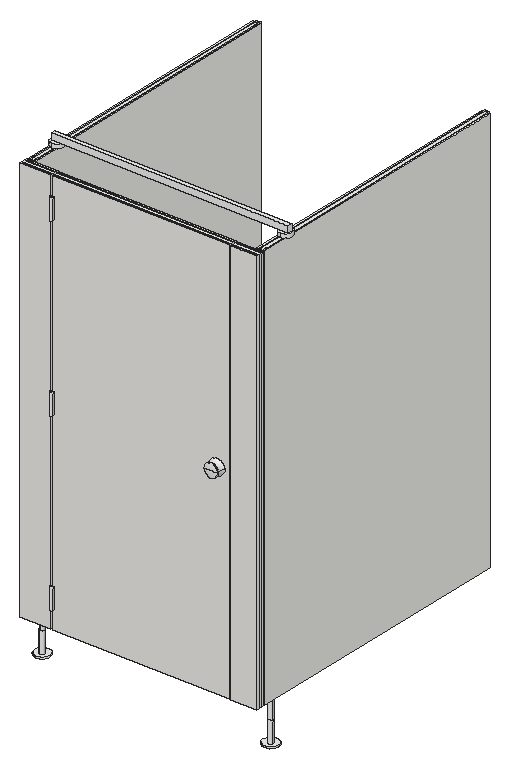
Revit family "Alsanit - Kabiny sanitarne LIFT - Sandwich", category Doors, Revit 2020 (continued)
Definition of nested family "front"
  Forms (mm)
    Sweep 13, solid, material <- "Materiał okuć"
      profile origin (0, 0, 1094) x (-1, 0, 0) y (0, -1, 0)
        loop
          line (450, 7.5) -> (-450, 7.5) -> (-450, 2.5) -> (450, 2.5) -> (450, 7.5)
    Sweep 14, solid, material <- "Materiał płyt"
      path origin (0, 0, 0) x (1, 0, 0) y (0, 0, 1)
        loop
          line (0, 188) -> (0, 2000)
      profile origin (0, 0, 1094) x (-1, 0, 0) y (0, -1, 0)
        loop
          line (450, 2.5) -> (-450, 2.5) -> (-450, 0) -> (450, 0) -> (450, 2.5)
  Cuts and joins
    joined: Revolve 4, Sweep 5, Sweep 11, SweptBlend 12
    joined: Extrusion 6, Extrusion 7, Extrusion 8
  Lines and regions (mm)
    symbolic lines, visible <- "Drzwi zewnętrzne"
      curve 1: line (-450, -10, 0) -> (-450, -910, 0)
      curve 2: line (-450, -10, 0) -> (450, -10, 0)
      curve 3: arc (-450, -910, 0) -> (186.396, -646.396, 0) -> (450, -10, 0) r 900
    symbolic lines, visible <- "Drzwi wewnętrzne"
      curve 4: line (-450, 0, 0) -> (-450, 900, 0)
      curve 5: line (-450, 0, 0) -> (450, 0, 0)
      curve 6: arc (450, 0, 0) -> (186.396, 636.396, 0) -> (-450, 900, 0) r 900
  Dimensions and locks
    "Wysokość dolnej szczeliny": plane 5 to plane 2
    "Wysokość drzwi": plane 6 to plane 2
    "Grubość ścianki": plane 4 to plane 1 "Center (Front/Back)"
    locked: plane 9 to plane 7 at 57
    "Szerokość drzwi": plane 8 to plane 7
    equal spacing: plane 8, plane 3 "Center (Left/Right)", plane 7
    locked: plane 4 to plane 10 at 7
    plane 1 "Center (Front/Back)" to plane 13 to plane 12 = 7.00 mm locked, 5.00 mm locked
    locked: plane 9 to plane 15 at 76.5
    plane 6 to plane 16 to plane 17 = 83.25 mm locked, 93.50 mm locked
    locked: plane 14 to level at 1110
    "Szerokość drzwi": plane 4 to plane 18
    "Szerokość drzwi": plane 1 "Center (Front/Back)" to plane 19
    plane 9 to Revolve 4 sketch curve = 35.00 mm
    locked: plane 20 to plane 12 at 20
    locked: plane 21 to plane 20 at 10
    equal spacing: plane 1 "Center (Front/Back)", plane 22, plane 4
    equal spacing: plane 22, plane 23, plane 4
    equal spacing: plane 1 "Center (Front/Back)", plane 24, plane 22
    aligned and locked: level to plane 2
    aligned and locked: plane 6 to Sweep 1 sketch curve
    aligned and locked: plane 3 "Center (Left/Right)" to Sweep 1 sketch curve
    aligned and locked: plane 5 to Sweep 1 sketch curve
    aligned and locked: Sweep 1 sketch curve to plane 8
    aligned and locked: Sweep 1 sketch curve to plane 7
    aligned and locked: plane 8 to Revolve 3 sketch curve  (x2)
    aligned and locked: Sweep 1 sketch curve to plane 4
    aligned and locked: plane 13 to Sweep 5 sketch curve
    aligned and locked: plane 12 to Sweep 5 sketch curve
    aligned and locked: plane 7 to Sweep 5 sketch curve
    aligned and locked: plane 13 to Extrusion 6
    aligned and locked: plane 1 "Center (Front/Back)" to Extrusion 6
    aligned and locked: plane 15 to Revolve 10 sketch curve
    aligned and locked: Revolve 10 sketch curve to plane 15
    aligned and locked: plane 17 to Revolve 3 sketch curve
    aligned and locked: Revolve 3 sketch curve to plane 16
    aligned and locked: plane 8 to curve 1
    aligned and locked: curve 2 to plane 4
    aligned and locked: plane 7 to curve 2
    aligned and locked: plane 18 to curve 1
    aligned and locked: curve 4 to plane 8
    aligned and locked: plane 1 "Center (Front/Back)" to curve 5
    aligned and locked: plane 7 to curve 5
    aligned and locked: plane 12 to Sweep 11 sketch curve
    aligned and locked: plane 20 to Sweep 11 sketch curve
    aligned and locked: plane 9 to Sweep 11 sketch curve
    aligned and locked: plane 21 to SweptBlend 12 sketch curve
    aligned and locked: plane 20 to SweptBlend 12 sketch curve
    aligned and locked: plane 9 to SweptBlend 12 sketch curve
    aligned and locked: Sweep 1 sketch curve to plane 23
    aligned and locked: plane 6 to Sweep 13 sketch curve
    aligned and locked: plane 5 to Sweep 13 sketch curve
    aligned and locked: plane 3 "Center (Left/Right)" to Sweep 13 sketch curve
    aligned and locked: plane 7 to Sweep 13 sketch curve
    aligned and locked: plane 23 to Sweep 13 sketch curve
    aligned and locked: plane 24 to Sweep 13 sketch curve
    aligned and locked: plane 8 to Sweep 13 sketch curve
    aligned and locked: plane 6 to Sweep 14 sketch curve
    aligned and locked: plane 5 to Sweep 14 sketch curve
    aligned and locked: plane 3 "Center (Left/Right)" to Sweep 14 sketch curve
    aligned and locked: Sweep 14 sketch curve to plane 1 "Center (Front/Back)"
    aligned and locked: Sweep 14 sketch curve to plane 24
    aligned and locked: plane 8 to Sweep 14 sketch curve
    aligned and locked: plane 7 to Sweep 14 sketch curve
  Automatic sketch dimensions
    plane 8 to Revolve 3 sketch curve = 0.00 mm  (x2)
    Revolve 3 sketch curve to Revolve 3 sketch curve = 7.00 mm  (x3)
    Revolve 3 sketch curve to plane 5 = 85.25 mm
    Revolve 3 sketch curve to Revolve 3 sketch curve = 93.50 mm
    Revolve 3 sketch curve to Revolve 3 sketch curve = 31.50 mm
    Revolve 3 sketch curve to Revolve 3 sketch curve = 20.00 mm
    Sweep 5 sketch curve to profile plane = 0.00 mm
    profile plane to Sweep 5 sketch curve = 4.314 mm  (x2)
    profile plane to Sweep 5 sketch curve = 1.866 mm
    Sweep 5 sketch curve to profile plane = 23.373 mm
    Sweep 5 sketch curve to profile plane = 48.128 mm
    Sweep 5 sketch curve to profile plane = 8.829 mm
    profile plane to Sweep 5 sketch curve = 23.373 mm
    Extrusion 6 sketch curve to plane 3 "Center (Left/Right)" = 0.00 mm
    Extrusion 6 sketch curve to plane 3 "Center (Left/Right)" = 9.496 mm
    Extrusion 6 sketch curve to Extrusion 6 sketch curve = 4.01 mm  (x2)
    plane 3 "Center (Left/Right)" to Extrusion 6 sketch curve = 9.496 mm
    Extrusion 6 sketch curve to plane 6 = 252.608 mm
    Extrusion 6 sketch curve to Extrusion 6 sketch curve = 5.253 mm  (x2)
    Extrusion 6 sketch curve to Extrusion 6 sketch curve = 8.198 mm  (x2)
    Extrusion 6 sketch curve to Extrusion 6 sketch curve = 9.245 mm
    Extrusion 6 sketch curve to Extrusion 6 sketch curve = 0.00 mm
    Extrusion 7 sketch curve to plane 6 = 252.608 mm
    Extrusion 7 sketch curve to Extrusion 7 sketch curve = 3.724 mm
    Extrusion 7 sketch curve to Extrusion 7 sketch curve = 6.458 mm
    Extrusion 7 sketch curve to Extrusion 7 sketch curve = 7.301 mm
    Extrusion 7 sketch curve to Extrusion 7 sketch curve = 3.101 mm
    Extrusion 7 sketch curve to Extrusion 7 sketch curve = 10.258 mm
    Extrusion 7 sketch curve to Extrusion 7 sketch curve = 4.27 mm
    Extrusion 7 sketch curve to Extrusion 7 sketch curve = 5.269 mm
    Extrusion 7 sketch curve to Extrusion 7 sketch curve = 11.338 mm
    Extrusion 7 sketch curve to Extrusion 7 sketch curve = 0.173 mm
    Extrusion 7 sketch curve to Extrusion 7 sketch curve = 3.03 mm
    Extrusion 7 sketch curve to Extrusion 7 sketch curve = 7.018 mm
    Extrusion 7 sketch curve to Extrusion 7 sketch curve = 44.934 mm
    Extrusion 7 sketch curve to Extrusion 7 sketch curve = 0.00 mm  (x3)
    Extrusion 8 sketch curve to plane 6 = 252.608 mm
    Extrusion 8 sketch curve to Extrusion 8 sketch curve = 3.724 mm
    Extrusion 8 sketch curve to Extrusion 8 sketch curve = 6.458 mm
    Extrusion 8 sketch curve to Extrusion 8 sketch curve = 7.301 mm
    Extrusion 8 sketch curve to Extrusion 8 sketch curve = 3.101 mm
    Extrusion 8 sketch curve to Extrusion 8 sketch curve = 10.258 mm
    Extrusion 8 sketch curve to Extrusion 8 sketch curve = 4.27 mm
    Extrusion 8 sketch curve to Extrusion 8 sketch curve = 5.269 mm
    Extrusion 8 sketch curve to Extrusion 8 sketch curve = 11.338 mm
    Extrusion 8 sketch curve to Extrusion 8 sketch curve = 0.173 mm
    Extrusion 8 sketch curve to Extrusion 8 sketch curve = 3.03 mm
    Extrusion 8 sketch curve to Extrusion 8 sketch curve = 7.018 mm
    Extrusion 8 sketch curve to Extrusion 8 sketch curve = 44.934 mm
    Extrusion 8 sketch curve to Extrusion 8 sketch curve = 0.00 mm  (x3)
    plane 8 to Revolve 9 sketch curve = 0.00 mm  (x4)
    Revolve 9 sketch curve to Revolve 9 sketch curve = 7.00 mm  (x3)
    Revolve 9 sketch curve to plane 6 = 83.25 mm
    Revolve 9 sketch curve to Revolve 9 sketch curve = 93.50 mm
    plane 14 to Revolve 9 sketch curve = 46.75 mm
    Revolve 9 sketch curve to plane 14 = 46.75 mm
    Revolve 9 sketch curve to plane 5 = 178.75 mm
    Revolve 9 sketch curve to plane 5 = 85.25 mm
    Revolve 9 sketch curve to Revolve 9 sketch curve = 20.00 mm
    Revolve 9 sketch curve to Revolve 9 sketch curve = 31.50 mm
    plane 14 to Revolve 3 sketch curve = 46.75 mm
    Revolve 3 sketch curve to plane 14 = 46.75 mm
    plane 1 "Center (Front/Back)" to Revolve 10 sketch curve = 0.00 mm
    Revolve 10 sketch curve to plane 13 = 0.00 mm
    plane 12 to Revolve 10 sketch curve = 1.00 mm
    plane 15 to Revolve 10 sketch curve = 6.00 mm
    Revolve 10 sketch curve to Revolve 10 sketch curve = 2.00 mm
    Revolve 10 sketch curve to plane 7 = 1.50 mm
    plane 12 to Revolve 10 sketch curve = 6.00 mm
    Revolve 10 sketch curve to plane 12 = 4.00 mm
    Revolve 10 sketch curve to Revolve 10 sketch curve = 15.00 mm
    Revolve 2 sketch curve to plane 4 = 0.00 mm
    Revolve 2 sketch curve to plane 9 = 0.00 mm  (x2)
    plane 15 to Revolve 2 sketch curve = 1.746 mm
    Revolve 2 sketch curve to plane 10 = 15.315 mm
    Revolve 2 sketch curve to plane 10 = 24.00 mm
    Revolve 2 sketch curve to Revolve 2 sketch curve = 25.00 mm
    Revolve 2 sketch curve to Revolve 2 sketch curve = 10.00 mm
    Revolve 2 sketch curve to plane 7 = 27.00 mm
    Revolve 4 sketch curve to plane 9 = 0.00 mm  (x3)
    Revolve 4 sketch curve to plane 12 = 0.00 mm
    plane 1 "Center (Front/Back)" to Revolve 4 sketch curve = 0.00 mm
    plane 9 to Revolve 4 sketch curve = 2.208 mm
    Revolve 4 sketch curve to plane 7 = 27.00 mm
    Revolve 4 sketch curve to plane 12 = 3.732 mm
    Revolve 4 sketch curve to Revolve 4 sketch curve = 6.65 mm
    Revolve 4 sketch curve to plane 10 = 24.00 mm
    Revolve 4 sketch curve to Revolve 4 sketch curve = 2.00 mm
    Revolve 4 sketch curve to Revolve 4 sketch curve = 5.00 mm
    Revolve 4 sketch curve to Revolve 4 sketch curve = 20.00 mm
    Revolve 4 sketch curve to Revolve 4 sketch curve = 10.00 mm
    profile plane to Sweep 11 sketch curve = 38.987 mm
    profile plane to Sweep 11 sketch curve = 10.822 mm  (x2)
    Sweep 11 sketch curve to profile plane = 17.423 mm
    level to Sweep 11 sketch curve = 1027.547 mm
    Sweep 11 sketch curve to Sweep 11 sketch curve = 82.218 mm
    Sweep 11 sketch curve to Sweep 11 sketch curve = 0.235 mm
    Sweep 11 sketch curve to Sweep 11 sketch curve = 3.013 mm  (x2)
    Sweep 11 sketch curve to Sweep 11 sketch curve = 0.00 mm  (x2)
    Sweep 11 sketch curve to Sweep 11 sketch curve = 3.077 mm
    Sweep 11 sketch curve to Sweep 11 sketch curve = 5.776 mm
    profile plane to SweptBlend 12 sketch curve = 38.987 mm  (x2)
    profile plane to SweptBlend 12 sketch curve = 10.822 mm  (x4)
    level to SweptBlend 12 sketch curve = 1027.547 mm  (x2)
    SweptBlend 12 sketch curve to SweptBlend 12 sketch curve = 82.453 mm
    SweptBlend 12 sketch curve to SweptBlend 12 sketch curve = 3.013 mm  (x2)
    SweptBlend 12 sketch curve to SweptBlend 12 sketch curve = 0.00 mm  (x4)
    SweptBlend 12 sketch curve to profile plane = 20.50 mm
    SweptBlend 12 sketch curve to SweptBlend 12 sketch curve = 2.699 mm
    SweptBlend 12 sketch curve to SweptBlend 12 sketch curve = 3.077 mm
    SweptBlend 12 sketch curve to profile plane = 17.423 mm
    SweptBlend 12 sketch curve to SweptBlend 12 sketch curve = 82.218 mm
    SweptBlend 12 sketch curve to SweptBlend 12 sketch curve = 0.235 mm
    SweptBlend 12 sketch curve to SweptBlend 12 sketch curve = 1.397 mm
    SweptBlend 12 sketch curve to SweptBlend 12 sketch curve = 1.458 mm
    SweptBlend 12 sketch curve to SweptBlend 12 sketch curve = 3.202 mm
